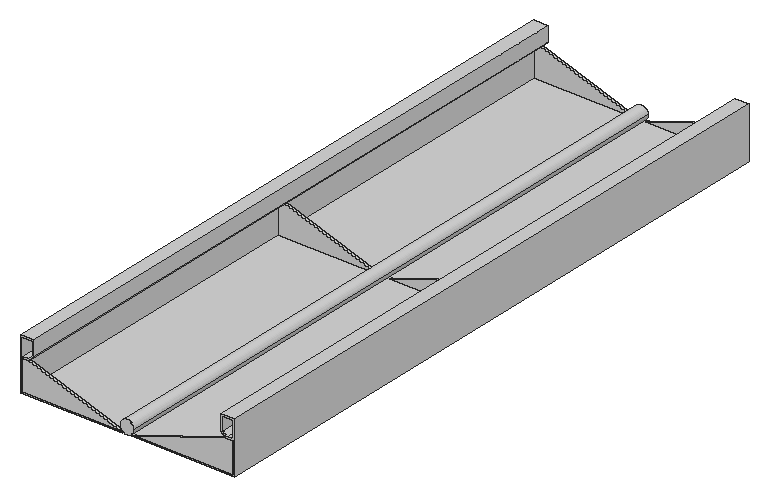
Revit family "LGW_LGW HINGED INS CORNER 1,2_1923505", category Generic Models, Revit 2018
Family settings
  Can host rebar = No
  Round Connector Dimension = Use Diameter
  Part Type = Normal
  OmniClass Number = 35.51.14.00
  OmniClass Title = FORMWORK
  Work Plane-Based = Yes
  Always vertical = No
  Cut with Voids When Loaded = No
  Shared = Yes
  Room Calculation Point = No
Parameters
  VERSION = "20190101"  # constant formula
  URL = "www.ulmaconstruction.com/en"
  UNICLASS = ""
  REAL ANGLE [instance] = if(ANGLE < 51.00°, 51.00°, if(ANGLE < 245.00°, ANGLE, 245.00°))  # 180.00°
  ITEM_CODE = "1923505"
  Manufacturer = "ULMA CONSTRUCTION"  # constant formula
  INSERTION PLANE POSITION [instance] = if(26.207 mm - INSERTION PLANE CALCULATION < 0.000 mm, 0.000 mm, 26.207 mm - INSERTION PLANE CALCULATION)  # 26.207 mm
  INSERTION PLANE CALCULATION [instance] = if(REAL ANGLE = 180.00°, 0.000 mm, (12.500 mm * sin(90.00° - REAL ANGLE) + 12.500 mm) * tan(90.00° - REAL ANGLE) + 12.500 mm * cos(90.00° - REAL ANGLE))  # 0.000 mm
  FILTER [instance] = ""
  Default Elevation = 0.000 mm
  CLASSIFICATION_TITLE = ""
  CLASSIFICATION_NUMBER = ""
  ANGLE [instance] = 180.00°
Reference planes
  plane 1 "Centro (Frontal/Posterior)": y = 0
  plane 2: z = 0
  plane 3 "Centro (Izquierda/Derecha)": x = 0
  plane 4 "ITEM_HEIGHT": y = 1200
  plane 5 "CENTER": z = 12.5
  plane 6 "INSERTION PLANE": x = 0
  plane 7 "INSERTION PLANE BASE": x = 26.207
Lines and regions (mm)
  reference lines
    curve 1: line (0, 0, 12.5) -> (311.15, 0, 12.5)
Dimensions and locks
  locked: plane 1 "Centro (Frontal/Posterior)" to plane 4 "ITEM_HEIGHT" at 1200
  locked: plane 7 "INSERTION PLANE BASE" to plane 3 "Centro (Izquierda/Derecha)" at 26.207
  "INSERTION PLANE POSITION": plane 7 "INSERTION PLANE BASE" to plane 6 "INSERTION PLANE"
  "REAL ANGLE": angle curve 1 to plane 5 "CENTER"
  aligned and locked: level to plane 2
  aligned and locked: plane 3 "Centro (Izquierda/Derecha)" to curve 1
  aligned and locked: plane 5 "CENTER" to curve 1
  aligned and locked: plane 4 "ITEM_HEIGHT" to nested 2
Nested families
  nested 1: "MEDIA ESCUADRA 1200 - 1923517_PANELS" at (0, 0, 0), type "MEDIA ESCUADRA 1200 - 1923517_PANELS"
    with FILTER ""
  nested 2: "MEDIA ESCUADRA 1200 - 1923517_PANELS" at (0, 1200, 0) x (-1, 0, 0) z (0, 0, 1), type "MEDIA ESCUADRA 1200 - 1923517_PANELS"
    with FILTER ""
Definition of nested family "MEDIA ESCUADRA 1200 - 1923517_PANELS"
  Parameters (values of type "MEDIA ESCUADRA 1200 - 1923517_PANELS")
    VERSION = "20190101"  # constant formula
    URL = "www.ulmaconstruction.com/en"
    UNICLASS = ""
    Manufacturer = "ULMA CONSTRUCTION"  # constant formula
    FILTER [instance] = ""
    Default Elevation = 0.000 mm
    CLASSIFICATION_TITLE = ""
    CLASSIFICATION_NUMBER = ""
  Reference planes
    plane 1 "Centro (Frontal/Posterior)": y = 0
    plane 2: z = 0
    plane 3 "Centro (Izquierda/Derecha)": x = 0
  Forms (mm)
    Extrusion 1, solid, detail levels fine
      sketch origin (0, 0, 0) x (1, 0, 0) y (0, 0, 1)
        loop
          line (-200, 96.5) -> (-200, 0) -> (-8, 0) -> (-8, 2.5) -> (-197.5, 2.5) -> (-197.5, 59) -> (-184, 59) -> (-175, 68) -> (-175, 96.5) -> (-200, 96.5)
        loop
          line (-177.5, 94) -> (-197.5, 94) -> (-197.5, 61.5) -> (-185.036, 61.5) -> (-177.5, 69.036) -> (-177.5, 94)
      from -1200 to 0
    Extrusion 2, solid, detail levels fine
      sketch origin (0, 0, 0) x (1, 0, 0) y (0, 0, 1)
        loop
          line (-12.5, 2.5) -> (-184, 59) -> (-197.5, 59) -> (-197.5, 2.5) -> (-12.5, 2.5)
      from -4 to 0
    Extrusion 3, solid, detail levels fine
      sketch origin (0, 205, 0) x (1, 0, 0) y (0, 0, 1)
        loop
          line (-12.5, 2.5) -> (-184, 59) -> (-197.5, 59) -> (-197.5, 2.5) -> (-12.5, 2.5)
      from -397 to -393
    Extrusion 4, solid, detail levels fine
      sketch origin (0, 1165, 0) x (1, 0, 0) y (0, 0, 1)
        loop
          line (-12.5, 2.5) -> (-184, 59) -> (-197.5, 59) -> (-197.5, 2.5) -> (-12.5, 2.5)
      from -35 to -31
    Extrusion 5, solid
      sketch origin (0, 0, 0) x (1, 0, 0) y (0, 0, 1)
        loop
          circle (0, 12.5) r 12.5
      from -1200 to 0
    Extrusion 6, solid, detail levels coarse+medium
      sketch origin (0, 0, 0) x (1, 0, 0) y (0, 0, 1)
        loop
          line (-200, 96.5) -> (-200, 0) -> (-8, 0) -> (-175, 55.983) -> (-175, 96.5) -> (-200, 96.5)
      from -1200 to 0
  Lines and regions (mm)
    model lines, detail levels fine
      curve 1: circle (-162.5, 0, 27.5) r 10 normal (0, -1, 0)
      curve 2: circle (-162.5, 598, 27.5) r 10 normal (0, -1, 0)
      curve 3: circle (-162.5, 1196, 27.5) r 10 normal (0, -1, 0)
      curve 4: circle (-162.5, 4, 27.5) r 10 normal (0, -1, 0)
      curve 5: circle (-162.5, 602, 27.5) r 10 normal (0, -1, 0)
      curve 6: circle (-162.5, 1200, 27.5) r 10 normal (0, -1, 0)
      curve 7: circle (-197.5, 900, 42) r 10 normal (1, 0, 0)
      curve 8: circle (-197.5, 300, 42) r 10 normal (1, 0, 0)
      curve 9: circle (-200, 900, 42) r 10 normal (1, 0, 0)
      curve 10: circle (-200, 300, 42) r 10 normal (1, 0, 0)
  Dimensions and locks
    aligned and locked: level to plane 2
